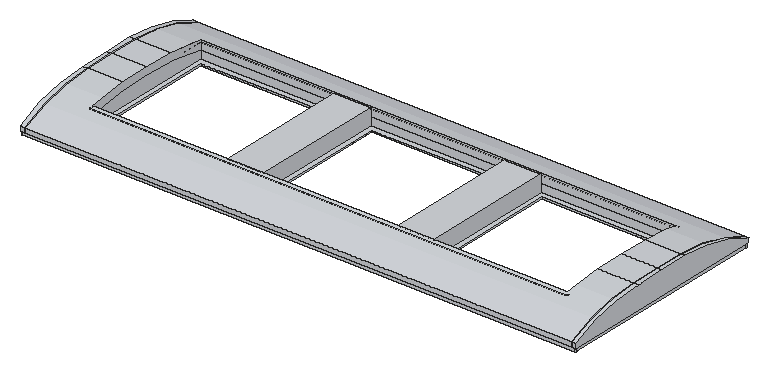
Revit family "Gira_021336", category Electrical Fixtures, host Face, Revit 2017
Family settings
  Host = Face
  Maintain Annotation Orientation = No
  Round Connector Dimension = Use Diameter
  Part Type = Normal
  Cut with Voids When Loaded = No
  Shared = No
  Room Calculation Point = No
Parameters (values of type "Abdeckrahmen 3f Zwischenr. F Alu Gira Event F Alu")
  Werkstoffgüte = "Thermoplast"
  Werkstoff = "Kunststoff"
  URL = "http://katalog.gira.de/de_DE/datenblatt.html?artikelnr=021336"
  Transparent = "No"
  Textfeld/Beschriftungsfläche = "No"
  Schutzart (IP) = "IP20"
  Region = "DE"
  Oberfläche = "sonstige"
  Name = "Abdeckrahmen 3f Zwischenr. F Alu Gira Event F Alu"
  Montagerichtung = "horizontal und vertikal"
  Mit Montagerahmen = "No"
  Mit Klappdeckel = "No"
  Manufacturer URL = "https://www.gira.de/"
  Keynote = "Event_Rahmen_3fach"
  HeinzeBIM = "https://bimportal.heinze.de/bim/abdeckrahmen-3f-zwischenr-f-alu-gira-event-f-alu/c508606ff1cf3c0fa1ae9788b8d0d6cea2d283da"
  Halogenfrei = "Yes"
  HAN = "021336"
  Geeignet für Unterputz-Installation = "Yes"
  Geeignet für Unterflurkanaldose = "No"
  Geeignet für Geräteeinbaukanal = "No"
  Geeignet für Einbauinstallation = "No"
  GTIN = "4010337213369"
  Farbe = "aluminium"
  Default Elevation = 1219.2 mm
  Data sheet (1) = "https://katalog.gira.de/de_DE/download.html?artikelnr=021336"
  Category = "Abdeckrahmen"
  Befestigungsart = "Klemmbefestigung"
  Available = "Yes"
  Anzahl der Einheiten vertikal = "3 "
  Anzahl der Einheiten horizontal = "3 "
  Anzahl der Einheiten = "3 "
Reference planes
  plane 1 "Center (Front/Back)": y = 0
  plane 2: z = 0
  plane 3 "Center (Left/Right)": x = 0
Forms (mm)
  Extrusion 1, solid, detail levels fine
    sketch origin (0, 0, 0.05) x (0, 1, 0) y (0, 0, 1)
      loop
        arc (12.445, 9.683) -> (6.223, 9.833) -> (0, 9.85) r 291.636
        arc (0, 9.85) -> (-6.223, 9.833) -> (-12.445, 9.683) r 291.636
        arc (-12.445, 9.683) -> (-29.14, 7.482) -> (-45, 1.823) r 79.728
        line (-45, 1.823) -> (-45, -0.05) -> (-42.086, -0.05)
        arc (-42.086, -0.05) -> (-21.385, 5.559) -> (0, 7.206) r 114.424
        arc (0, 7.206) -> (21.385, 5.559) -> (42.086, -0.05) r 114.424
        line (42.086, -0.05) -> (45, -0.05) -> (45, 1.823)
        arc (45, 1.823) -> (29.14, 7.482) -> (12.445, 9.683) r 79.728
    from -114.3 to 114.3
  Extrusion 2, void, detail levels fine
    sketch origin (0, 0, 0) x (1, 0, 0) y (0, 1, 0)
      loop
        line (-99.355, -28.053) -> (99.355, -28.053) -> (99.355, 28.053) -> (-99.355, 28.053) -> (-99.355, -28.053)
    from 0.724 to 11
  Extrusion 3, solid, detail levels coarse
    sketch origin (0, 0, 0) x (1, 0, 0) y (0, 1, 0)
      loop
        line (-116.3, 45) -> (-116.3, -45) -> (116.3, -45) -> (116.3, 45) -> (-116.3, 45)
    from -1.5 to 9.9
  Extrusion 4, solid, detail levels medium
    sketch origin (0, 0, 0.05) x (0, 1, 0) y (0, 0, 1)
      loop
        arc (12.445, 9.683) -> (6.223, 9.833) -> (0, 9.85) r 291.636
        arc (0, 9.85) -> (-6.223, 9.833) -> (-12.445, 9.683) r 291.636
        arc (-12.445, 9.683) -> (-29.14, 7.482) -> (-45, 1.823) r 79.728
        line (-45, 1.823) -> (-45, -0.05) -> (45, -0.05) -> (45, 1.823)
        arc (45, 1.823) -> (29.14, 7.482) -> (12.445, 9.683) r 79.728
    from -116.3 to 116.3
  Extrusion 5, solid, detail levels fine
    sketch origin (-71.3, 0, -1.5) x (0, 1, 0) y (0, 0, -1)
      loop
        line (45, -3.373) -> (45, -1.5) -> (-45, -1.5) -> (-45, -3.373)
        arc (-45, -3.373) -> (-29.14, -9.032) -> (-12.445, -11.233) r 79.728
        arc (-12.445, -11.233) -> (-6.223, -11.383) -> (0, -11.4) r 291.636
        arc (0, -11.4) -> (6.223, -11.383) -> (12.445, -11.233) r 291.636
        arc (12.445, -11.233) -> (29.14, -9.032) -> (45, -3.373) r 79.728
    from 43 to 45
  Extrusion 6, solid, detail levels fine
    sketch origin (0, 0, 0) x (1, 0, 0) y (0, 1, 0)
      loop
        line (-97.195, 25.7) -> (-97.195, -25.7) -> (-45.395, -25.7) -> (-45.395, 25.7) -> (-97.195, 25.7)
      loop
        line (25.9, -25.7) -> (25.9, 25.7) -> (-25.9, 25.7) -> (-25.9, -25.7) -> (25.9, -25.7)
      loop
        line (-100.19, 28.49) -> (-100.19, -28.495)
        spline (-100.19, -28.495) -> (-100.181, -28.625) -> (-100.156, -28.754) -> (-100.113, -28.878) -> (-100.056, -28.995) -> (-99.983, -29.104) -> (-99.897, -29.202) -> (-99.798, -29.288) -> (-99.69, -29.361) -> (-99.572, -29.419) -> (-99.448, -29.461) -> (-99.32, -29.486) -> (-99.19, -29.495)
        line (-99.19, -29.495) -> (99.195, -29.495)
        spline (99.195, -29.495) -> (99.325, -29.486) -> (99.454, -29.461) -> (99.578, -29.419) -> (99.695, -29.361) -> (99.804, -29.288) -> (99.902, -29.202) -> (99.988, -29.104) -> (100.061, -28.995) -> (100.119, -28.878) -> (100.161, -28.754) -> (100.186, -28.625) -> (100.195, -28.495)
        line (100.195, -28.495) -> (100.195, 28.49)
        spline (100.195, 28.49) -> (100.186, 28.62) -> (100.161, 28.748) -> (100.119, 28.872) -> (100.061, 28.99) -> (99.988, 29.098) -> (99.902, 29.197) -> (99.804, 29.283) -> (99.695, 29.356) -> (99.578, 29.413) -> (99.454, 29.456) -> (99.325, 29.481) -> (99.195, 29.49)
        line (99.195, 29.49) -> (-99.19, 29.49)
        spline (-99.19, 29.49) -> (-99.32, 29.481) -> (-99.448, 29.456) -> (-99.572, 29.413) -> (-99.69, 29.356) -> (-99.798, 29.283) -> (-99.897, 29.197) -> (-99.983, 29.098) -> (-100.056, 28.99) -> (-100.113, 28.872) -> (-100.156, 28.748) -> (-100.181, 28.62) -> (-100.19, 28.49)
      loop
        line (97.2, -25.7) -> (97.2, 25.7) -> (45.4, 25.7) -> (45.4, -25.7) -> (97.2, -25.7)
    from 0.1 to 7.3
  Extrusion 7, solid
    sketch origin (0, 0, 0) x (1, 0, 0) y (0, 1, 0)
      loop
        arc (-116, -44.2) -> (-115.854, -44.554) -> (-115.5, -44.7) r 0.5
        line (-115.5, -44.7) -> (115.5, -44.7)
        arc (115.5, -44.7) -> (115.854, -44.554) -> (116, -44.2) r 0.5
        line (116, -44.2) -> (116, 44.2)
        arc (116, 44.2) -> (115.854, 44.554) -> (115.5, 44.7) r 0.5
        line (115.5, 44.7) -> (-115.5, 44.7)
        arc (-115.5, 44.7) -> (-115.854, 44.554) -> (-116, 44.2) r 0.5
        line (-116, 44.2) -> (-116, -44.2)
      loop
        line (-114.3, 43) -> (-114.3, -43) -> (114.3, -43) -> (114.3, 43) -> (-114.3, 43)
    from -1.5 to 0.5
  Extrusion 8, solid, detail levels fine
    sketch origin (71.3, 0, -1.5) x (0, 1, 0) y (0, 0, 1)
      loop
        arc (45, 3.373) -> (29.14, 9.032) -> (12.445, 11.233) r 79.728
        arc (12.445, 11.233) -> (6.223, 11.383) -> (0, 11.4) r 291.636
        arc (0, 11.4) -> (-6.223, 11.383) -> (-12.445, 11.233) r 291.636
        arc (-12.445, 11.233) -> (-29.14, 9.032) -> (-45, 3.373) r 79.728
        line (-45, 3.373) -> (-45, 1.5) -> (45, 1.5) -> (45, 3.373)
    from 43 to 45
  Extrusion 9, solid, detail levels medium
    sketch origin (0, 0, 0) x (1, 0, 0) y (0, 1, 0)
      loop
        line (-116, -44.7) -> (116, -44.7) -> (116, 44.7) -> (-116, 44.7) -> (-116, -44.7)
    from -1.5 to 0.5
  Extrusion 10, solid, detail levels fine
    sketch origin (-34.207, 0, 0) x (1, 0, 0) y (0, 1, 0)
      loop
        line (-8.943, 28.063) -> (-8.943, -27.937) -> (6.057, -27.937) -> (6.057, 28.063) -> (-8.943, 28.063)
    from 0.724 to 7.566
  Extrusion 11, solid, detail levels fine
    sketch origin (34.207, 0, 0) x (-1, 0, 0) y (0, -1, 0)
      loop
        line (-8.943, -28.063) -> (6.057, -28.063) -> (6.057, 27.937) -> (-8.943, 27.937) -> (-8.943, -28.063)
    from 0.724 to 7.566
Cuts and joins
  Extrusion 2 cuts Extrusion 1
  Extrusion 2 cuts Extrusion 6
Dimensions and locks
  aligned and locked: plane 2 to host face
  aligned and locked: level to host face
